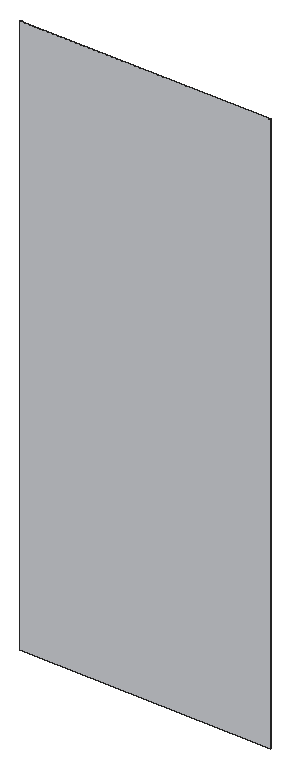
Revit family "Pnl_Coating-Doors-ABET-09mm_2250x1000-M3_000000", category Porte, Revit 2016
Family settings
  Numero OmniClass = 23.30.10.11.27
  Titolo OmniClass = Door Linings and Boards
  Basato su piano di lavoro = Sì
  Sempre verticale = Sì
  Taglio con vuoti quando caricato = Sì
  Condiviso = Sì
  Punto di calcolo locali = No
Parameters (values of type "2250x1000mm")
  Uniclass_2015_Description = "Compact or solid grade high-pressure laminate (HPL) boards"
  Uniclass2015_Code = "Pr_25_71_63_15"
  URL = "http://abetlaminati.com/en/"
  Sys_Validation4 [instance] = ""
  Sys_Validation3 [instance] = ""
  Sys_Validation2 [instance] = ""
  Sys_Validation1 [instance] = ""
  Sys_URL(Use-and-MaintenanceManual) = "http://abetlaminati.com/app/uploads/2015/07/General-recommendations-for-thin-and-compact-laminates.pdf"
  Sys_URL(TechnicalProductDataSheet) = "http://abetlaminati.com/app/uploads/2015/07/Print-HPL-F1-e-HR-LAQ.pdf"
  Sys_URL(ManufacturerWebsite) = "http://abetlaminati.com/en/"
  Sys_URL(DB-Management) = ""
  Sys_T1 [instance] = 0
  Sys_Sheet1 [instance] = ""
  Sys_SerialNumber [instance] = ""
  Sys_S1 [instance] = ""
  Sys_R1 [instance] = 0
  Sys_Qualification [instance] = yes
  Sys_Out-of-Production [instance] = yes
  Sys_M1 [instance] = ""
  Sys_LEED1 [instance] = ""
  Sys_LEED [instance] = 0
  Sys_K-Progress [instance] = 0
  Sys_Installer [instance] = ""
  Sys_Installation [instance] = yes
  Sys_Identification [instance] = yes
  Sys_Furnisher [instance] = ""
  Sys_F1 [instance] = 0
  Sys_Equivalent [instance] = ""
  Sys_Declaration-of-Performance [instance] = ""
  Sys_Classification = ""
  Sys_CR1 [instance] = 0
  Sys_COD1 [instance] = ""
  Sys_CE-Marking [instance] = yes
  Sys_CA1 [instance] = 0
  Sys_C1 [instance] = 0
  Sys_Acceptance [instance] = yes
  Default Elevation = 0.00 mm
  Produttore = "Abet Laminati S.P.A."
  Modello = "Doors"
  IfcExportType = "NOTDEFINED"
  IfcExportAs = "IfcDoor"
  Commenti sul tipo = "0.9mm_2250x1000mm"
  COBie_WarrantyStartDate [instance] = ""
  COBie_WarrantyGuarantorLabour = ""
  COBie_WarrantyDurationUnit = ""
  COBie_WarrantyDurationParts = 0
  COBie_WarrantyDurationLabour = 0
  COBie_WarrantyDescription = ""
  COBie_SpareParts = ""
  COBie_Size = ""
  COBie_Shape = ""
  COBie_SerialNumber [instance] = 0
  COBie_ReplacementCost = 0
  COBie_ReferencedStandard = ""
  COBie_ProductionYear = ""
  COBie_Material = ""
  COBie_InstallationDate [instance] = ""
  COBie_Grade = ""
  COBie_Finish = ""
  COBie_Features = ""
  COBie_ExpectedLife = 0
  COBie_DurationUnit = ""
  COBie_Cost = 0
  COBie_Color = ""
  ABET_Width_value = 1000.00 mm
  ABET_Width_max = 1000.00 mm  # constant formula
  ABET_Width = if(ABET_Width_value > ABET_Width_max, ABET_Width_max, ABET_Width_value)  # 1000.00 mm
  ABET_Thickness = 0.90 mm  # constant formula
  ABET_Length_value = 2250.00 mm
  ABET_Length_max = 2250.00 mm  # constant formula
  ABET_Length = if(ABET_Length_value > ABET_Length_max, ABET_Length_max, ABET_Length_value)  # 2250.00 mm
  ABET_Doors_Mat [instance] = none
  ABET-Thickness-EN_438-2.5 = "± 0,10 mm"
  ABET-Straightness_edges-EN_438-2.7 = "1,5 mm/m"
  ABET-Stability_elevated_Temp-T-EN_438-2.17 = "1,05% max"
  ABET-Stability_elevated_Temp-L-EN_438-2.17 = "0,55% max"
  ABET-Squareness-EN_438-2.8 = "1,5 mm/m"
  ABET-R_wet_heat_100dC-App_other_fin-EN_12721 = "3 (min)"
  ABET-R_wet_heat_100dC-App_gloss_fin-EN_12721 = "4 (min)"
  ABET-R_water_vapour-App_other_fin-EN_438-2.14 = "4 (min)"
  ABET-R_water_vapour-App_gloss_fin-EN_438-2.14 = "3 (min)"
  ABET-R_surface_wear-Wear_value-EN_438-2.10 = "350 giri (min)"
  ABET-R_surface_wear-Inial_point-EN_438-2.10 = "150 giri (min)"
  ABET-R_staining-App_groups_1_2-EN_438-2.26 = "5 (min)"
  ABET-R_staining-App_group_3-EN_438-2.26 = "4 (min)"
  ABET-R_scrubbing-HR-LAQ_gloss_fin-LM_086 = "2000 n.cicli"
  ABET-R_scrubbing-HGS_gloss_fin-LM_086 = "200 n.cicli"
  ABET-R_scratching-EN_438-2.25 = "3 (min)"
  ABET-R_impacy_small_D_ball-Spring_F-EN_438-2.20 = "20 N (min)"
  ABET-R_imm_boiling_water-App_other_fin-EN_438-2.12 = "4 (min)"
  ABET-R_imm_boiling_water-App_gloss_fin-EN_438-2.12 = "3 (min)"
  ABET-R_dry_heat_180dC-App_other_fin-EN_438-2.16 = "4 (min)"
  ABET-R_dry_heat_180dC-App_gloss_fin-EN_438-2.16 = "3 (min)"
  ABET-R_cracking-EN_438-2.24 = "4 (min)"
  ABET-R_cigarette_burns-EN_438-2.30 = "3 (min)"
  ABET-Lightfastness-EN_438-2.27 = "4 scala grigi (min)"
  ABET-Length_Width-EN_438-2.6 = "+10/0 mm"
  ABET-Flatness-EN_438-2.9 = "60 mm/m"
  ABET-Electrical_R-EN_61340-4-1 = "1x10^9 - 1x10^11 Ohm"
  ABET-Density-ISO_1183 = "1,35 gr/cm3"
Reference planes
  plane 1 "Center (Front/Back)": y = 0
  plane 2: z = 0
  plane 3 "Center (Left/Right)": x = 0
  plane 4: x = 500
  plane 5: x = -500
  plane 6: z = 2250
  plane 7: z = 1125
  plane 8: y = -0.9
Forms (mm)
  Extrusion 1, solid, material <- "ABET_Doors_Mat"
    sketch origin (0, 0, 0) x (1, 0, 0) y (0, 0, 1)
      loop
        line (500, 2250) -> (-500, 2250) -> (-500, 0) -> (500, 0) -> (500, 2250)
    from 0 to 0.9 <- "ABET_Thickness"
Dimensions and locks
  "ABET_Thickness": plane 8 to plane 1 "Center (Front/Back)"
  equal spacing: plane 5, plane 3 "Center (Left/Right)", plane 4
  "ABET_Width": plane 5 to plane 4
  equal spacing: plane 6, plane 7, plane 2
  "ABET_Length": plane 6 to plane 2
  aligned and locked: level to plane 2
  aligned and locked: plane 6 to Extrusion 1 sketch curve
  aligned and locked: Extrusion 1 sketch curve to plane 4
  aligned and locked: Extrusion 1 sketch curve to plane 2
  aligned and locked: plane 5 to Extrusion 1 sketch curve
  aligned and locked: Extrusion 1 to plane 1 "Center (Front/Back)"
  aligned and locked: Extrusion 1 to plane 8
